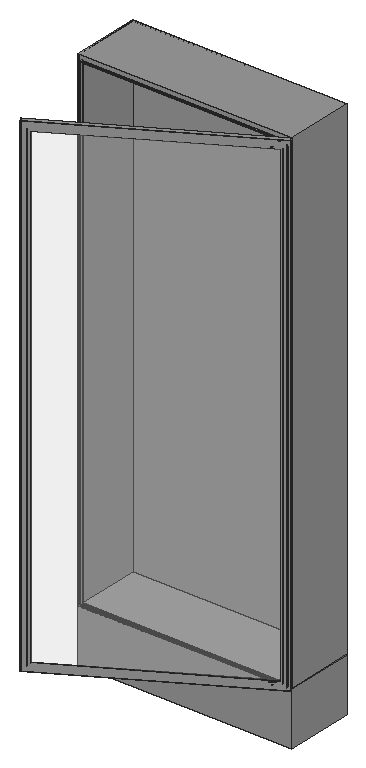
Revit family "Hager-Univers-IP55-D275-H2050-Cl.I-Steel_encl-NoHosted-PL-en", category Equipement électrique, Revit 2020
Family settings
  Configuration du panneau = Deux colonnes, circuits au sein
  Cote de connecteur circulaire = Utiliser le diamètre
  Type d'élément = Tableau de raccordement
  Basée sur le plan de construction = Oui
  Toujours verticalement = Oui
  Couper avec des vides une fois chargée = Non
  Partagée = Non
  Point de calcul de pièce = Non
Parameters (values of type "Floor installation IP55 W800 H2050 D275  - FR23K2")
  Width Control [instance] = if([EF000008 - Width] > Min Width, [EF000008 - Width], Min Width)  # 800 mm
  Commentaires du type = [HG000003 - Range]  # "Univers"
  Thickness Door [instance] = if([EF009171 - Material plate thickness door/cover] > 3 mm, 3 mm, [EF009171 - Material plate thickness door/cover])  # 1.5 mm
  Seal Frame Offset [instance] = 17 mm  # constant formula
  Plinth Visibility [instance] = [HG000027 - Plinth height] > 0 mm  # yes
  Min Width [instance] = 100 mm  # constant formula
  Min Depth [instance] = (2 * [EF009170 - Material plate thickness cabinet]) + 1 mm  # 4 mm
  Min Height [instance] = 100 mm  # constant formula
  Internal Frame Depth [instance] = (Door System Depth * 0.5)  # 9 mm
  Panel Name [instance] = ""  # (empty or 0)
  Model = ""
  HG000027 - Plinth height = 200 mm
  HG000026 - Floor standing = yes
  HG000024 - Bottom section height = 600 mm
  HG000023 - Double section enclosure = no
  HG000016 - Door 3d visibility [instance] = yes
  HG000015 - Clearance visibility [instance] = no
  HG000014 - Door on the right [instance] = yes
  HG000013 - Door on the left [instance] = not([HG000014 - Door on the right])  # no
  HG000012 - Door swing angle [instance] = 30.00°
  HG000010 - Asymmetric doors = no
  HG000009 - Double swing door = no
  HG000006 - Flush mounted = no
  HG000004 - Manufacturer reference = "FR23K2"
  HG000003 - Range = "Univers"
  HG000002 - With door or cover = yes
  Frame Offset Bottom [instance] = 10 mm  # constant formula
  Frame Offset [instance] = 15 mm  # constant formula
  EF015940 - Cover with overpressure release = no
  EF011959 - Degree of protection (NEMA) = ""
  EF009554 - Number of openings for flange plates = 6
  EF009212 - Cover model = "EV000116 - Closed"
  EF009171 - Material plate thickness door/cover = 1.5 mm
  EF009170 - Material plate thickness cabinet = 1.5 mm
  EF008873 - Nominal current (In) = 800 A
  EF007800 - Suitable for lightning protection = no
  EF006306 - With lock = no
  EF006244 - Transparent cover/door = yes
  EF005474 - Degree of protection (IP) = "EV006420 - IP55"
  EF004464 - Type of door = "EV002646 - Single"
  EF004427 - Number of modules = 432
  EF004293 - Impact strength = "EV008784 - IK10"
  EF003532 - Suitable for outdoor use = no
  EF002950 - Width in number of modular spacings = 24
  EF001613 - Circuit integrity = "EV000494 - None"
  EF001596 - Material housing = "EV000179 - Steel"
  EF001131 - Internal depth = 275 mm
  EF001088 - Extension possible = yes
  EF000437 - Number of conduit inlets = 6
  EF000339 - Type of cover = "EV004216 - Door"
  EF000266 - Number of rows = 12
  EF000218 - Built-in depth = 0 mm
  EF000118 - With mounting plate = no
  EF000116 - RAL-number = "7035"
  EF000049 - Depth = 275 mm
  EF000040 - Height = 2050 mm
  EF000008 - Width = 800 mm
  EF000007 - Colour = "EV000270 - Grey"
  EF000003 - Mounting method = "EV012274 - Floor installation"
  Door System Leaf Tolerance [instance] = 1.5 mm  # constant formula
  Door System Depth [instance] = 18 mm  # constant formula
  Door Height [instance] = Height Control - [HG000027 - Plinth height]  # 1850 mm
  Description = ""
  Default Elevation = 1219.2 mm
  Connector Offset [instance] = Height Control / 2  # 1025 mm
  Fabricant = "Hager"  # constant formula
  Height Control [instance] = if([EF000040 - Height] > Min Height, [EF000040 - Height], Min Height)  # 2050 mm
  Depth Control [instance] = if([EF000049 - Depth] > Min Depth, [EF000049 - Depth], Min Depth)  # 275 mm
  Bottom Top Plate Trim [instance] = 1.5 mm  # constant formula
  Plinth height Ctrl [instance] = if([HG000027 - Plinth height] > 0 mm, [HG000027 - Plinth height], 12 mm)  # 200 mm
Types (11, lengths in mm): name | Width Control | HG000010 - Asymmetric doors | HG000009 - Double swing door | HG000004 - Manufacturer reference | EF009554 - Number of openings for flange plates | EF006244 - Transparent cover/door | EF004464 - Type of door | EF004427 - Number of modules | EF000437 - Number of conduit inlets | EF000008 - Width
  Floor installation IP55 W1050 H2050 D275  - FR24E2 | 1050 | yes | yes | "FR24E2" | 8 | no | "EV003602 - Double" | 576 | 8 | 1050
  Floor installation IP55 W1050 H2050 D275  - FR24K2 | 1050 | yes | yes | "FR24K2" | 8 | yes | "EV003602 - Double" | 576 | 8 | 1050
  Floor installation IP55 W1300 H2050 D275  - FR25E2 | 1300 | yes | yes | "FR25E2" | 10 | no | "EV003602 - Double" | 720 | 10 | 1300
  Floor installation IP55 W1300 H2050 D275  - FR25K2 | 1300 | yes | yes | "FR25K2" | 10 | yes | "EV003602 - Double" | 720 | 10 | 1300
  Floor installation IP55 W1550 H2050 D275  - FR26E2 | 1550 | yes | yes | "FR26E2" | 12 | no | "EV003602 - Double" | 864 | 12 | 1550
  Floor installation IP55 W1550 H2050 D275  - FR26K2 | 1550 | yes | yes | "FR26K2" | 12 | yes | "EV003602 - Double" | 864 | 12 | 1550
  Floor installation IP55 W300 H2050 D275  - FR21E2 | 300 | no | no | "FR21E2" | 2 | no | "EV002646 - Single" | 144 | 2 | 300
  Floor installation IP55 W550 H2050 D275  - FR22E2 | 550 | no | no | "FR22E2" | 4 | no | "EV002646 - Single" | 288 | 4 | 550
  Floor installation IP55 W550 H2050 D275  - FR22K2 | 550 | no | no | "FR22K2" | 4 | yes | "EV002646 - Single" | 288 | 4 | 550
  Floor installation IP55 W800 H2050 D275  - FR23E2 | 800 | no | no | "FR23E2" | 6 | no | "EV002646 - Single" | 432 | 6 | 800
  Floor installation IP55 W800 H2050 D275  - FR23K2 | 800 | no | no | "FR23K2" | 6 | yes | "EV002646 - Single" | 432 | 6 | 800
Reference planes
  plane 1 "Center (Front/Back)": y = 0
  plane 2: z = 0
  plane 3 "Center (Left/Right)": x = 0
  plane 4: y = 0
  plane 5: y = 0
  plane 6: z = 0
  plane 7: x = -400
  plane 8: x = 400
  plane 9: x = 398.5
  plane 10: x = -398.5
  plane 11: z = 200
  plane 12: z = 201.5
  plane 13: y = -275
  plane 14: y = -1.5
  plane 15: x = 0
  plane 16: y = -257
  plane 17: y = -273.5
  plane 18: y = -255.5
  plane 19: x = -383.5
  plane 20: x = 383.5
  plane 21: z = 211.5
  plane 22: x = -383
  plane 23: x = 383
  plane 24: z = 200
  plane 25: z = 2050
  plane 26: z = 2050
  plane 27: z = 2033.5
  plane 28: z = 2048.5
Forms (mm)
  Extrusion 1, solid, material "Hager_Steel_RAL7035_Light_Grey", detail levels medium+fine
    sketch origin (-208.679, -4572, 200) x (-1, 0, 0) y (0, -1, 0)
      loop
        line (191.321, -4315) -> (-608.679, -4315) -> (-608.679, -4572) -> (191.321, -4572) -> (191.321, -4315)
    from 0 to 1850
  Extrusion 2, void
    sketch origin (-350.771, -275, 1219.2) x (1, 0, 0) y (0, 0, 1)
      loop
        line (-47.729, 829.3) -> (-47.729, -1017.7) -> (749.271, -1017.7) -> (749.271, 829.3) -> (-47.729, 829.3)
    from -19.5 to -273.5
  Extrusion 3, void
    sketch origin (-290.084, -257, 1219.2) x (1, 0, 0) y (0, 0, 1)
      loop
        line (-93.416, -1007.7) -> (673.584, -1007.7) -> (673.584, 814.3) -> (-93.416, 814.3) -> (-93.416, -1007.7)
    from 0 to -1.5
  Extrusion 4, solid, material "Hager_Steel_RAL7035_Light_Grey", visible <- "Plinth Visibility", detail levels medium+fine
    sketch origin (0, 0, 0) x (1, 0, 0) y (0, 1, 0)
      loop
        line (-400, 0) -> (-400, -257) -> (400, -257) -> (400, 0) -> (-400, 0)
    from 0 to 200 <- "Plinth height Ctrl"
  Extrusion 5, solid, material "Hager_Steel_RAL7035_Light_Grey", detail levels coarse
    sketch origin (0, 0, 0) x (1, 0, 0) y (0, 1, 0)
      loop
        line (-400, 0) -> (-400, -275) -> (400, -275) -> (400, 0) -> (-400, 0)
    from 0 to 2050 <- "Height Control"
  Sweep 6, void
    path in 3D
      loop
        line (-400, -257, 200) -> (400, -257, 200) -> (400, 0, 200) -> (-400, 0, 200) -> (-400, -257, 200)
    profile origin (-400, -128.5, 200) x (1, 0, 0) y (0, 0, 1)
      loop
        line (0, 0) -> (0, -1.5) -> (1.5, -1.5)
        arc (1.5, -1.5) -> (1.061, -0.439) -> (0, 0) r 1.5
  Extrusion 7, solid, material "Hager_Steel_RAL7035_Light_Grey", detail levels fine
    sketch origin (-400, -257, 200) x (1, 0, 0) y (0, 0, 1)
      loop
        line (16.5, 11.5) -> (783.5, 11.5) -> (783.5, 1833.5) -> (16.5, 1833.5) -> (16.5, 11.5)
      loop
        line (15, 10) -> (785, 10) -> (785, 1835) -> (15, 1835) -> (15, 10)
    from 0 to 9 <- "Internal Frame Depth"
Cuts and joins
  Extrusion 2, Extrusion 3 cuts Extrusion 1
  Sweep 6 cuts Extrusion 4
Lines and regions (mm)
  Masking region 1
    outline origin (0, 0, 0) x (1, 0, 0) y (0, 1, 0)
      loop
        line (-400, 0) -> (-400, -275) -> (400, -275) -> (400, 0) -> (-400, 0)
  Masking region 2, detail levels coarse
    outline origin (-290.084, -257, 1219.2) x (-1, 0, 0) y (0, 0, 1)
      loop
        line (-690.084, -1219.2) -> (109.916, -1219.2) -> (109.916, 830.8) -> (-690.084, 830.8) -> (-690.084, -1219.2)
  Masking region 3, detail levels coarse
    outline origin (0, 0, 0) x (0, 1, 0) y (0, 0, 1)
      loop
        line (0, 0) -> (0, 2050) -> (-275, 2050) -> (-275, 0) -> (0, 0)
  Masking region 4, visible <- "Plinth Visibility", detail levels medium+fine
    outline origin (0, 0, 0) x (0, 1, 0) y (0, 0, 1)
      loop
        line (-1.5, 200) -> (-255.5, 200)
        arc (-255.5, 200) -> (-255.939, 198.939) -> (-257, 198.5) r 1.5
        line (-257, 198.5) -> (-257, 0) -> (0, 0) -> (0, 198.5)
        arc (0, 198.5) -> (-1.061, 198.939) -> (-1.5, 200) r 1.5
  Masking region 5, detail levels medium+fine
    outline origin (0, 0, 594.038) x (0, 1, 0) y (0, 0, 1)
      loop
        line (0, -394.038) -> (0, 1455.962) -> (-257, 1455.962) -> (-257, -394.038) -> (0, -394.038)
  Masking region 6, detail levels medium+fine
    outline origin (-359.7, -257, 1211.883) x (-1, 0, 0) y (0, 0, 1)
      loop
        line (-759.7, -1011.883) -> (40.3, -1011.883) -> (40.3, 838.117) -> (-759.7, 838.117) -> (-759.7, -1011.883)
  Masking region 7, visible <- "Plinth Visibility", detail levels medium+fine
    outline origin (-320.334, -257, 1041.368) x (-1, 0, 0) y (0, 0, 1)
      loop
        line (-720.334, -1041.368) -> (79.666, -1041.368) -> (79.666, -842.868)
        arc (79.666, -842.868) -> (78.606, -842.429) -> (78.166, -841.368) r 1.5
        line (78.166, -841.368) -> (-718.834, -841.368)
        arc (-718.834, -841.368) -> (-719.273, -842.429) -> (-720.334, -842.868) r 1.5
        line (-720.334, -842.868) -> (-720.334, -1041.368)
  sketch lines
    curve 1: line (-400, 0, 200) -> (-400, -257, 200)
    curve 2: line (-400, -257, 200) -> (400, -257, 200)
    curve 3: line (400, 0, 200) -> (-400, 0, 200)
    curve 4: line (400, -257, 200) -> (400, 0, 200)
Dimensions and locks
  locked: plane 1 "Center (Front/Back)" to plane 5
  "EF009170 - Material plate thickness cabinet": plane 7 to plane 10
  "EF009170 - Material plate thickness cabinet": plane 8 to plane 9
  equal spacing: plane 7, plane 3 "Center (Left/Right)", plane 8
  "Width Control": plane 7 to plane 8
  "Depth Control": plane 4 to plane 13
  "EF009170 - Material plate thickness cabinet": plane 4 to plane 14
  "Height Control": plane 25 to level
  "HG000027 - Plinth height": plane 11 to level
  "EF009170 - Material plate thickness cabinet": plane 12 to plane 11
  "EF009170 - Material plate thickness cabinet": plane 17 to plane 13
  "EF009170 - Material plate thickness cabinet": plane 18 to plane 16
  "Frame Offset Bottom": plane 21 to plane 12
  "Frame Offset": plane 10 to plane 19
  "Frame Offset": plane 9 to plane 20
  "Door System Depth": plane 16 to plane 13
  "Seal Frame Offset": plane 7 to plane 22
  "Seal Frame Offset": plane 8 to plane 23
  "EF009170 - Material plate thickness cabinet": plane 26 to plane 28
  "Frame Offset": plane 28 to plane 27
  "Connector Offset": plane 2 to connector elem
  "Bottom Top Plate Trim": profile plane to Sweep 6 sketch curve
  "Bottom Top Plate Trim": Sweep 6 sketch curve to Sweep 6 sketch curve
  "Plinth height Ctrl": Masking region 4 sketch curve to level
  "Plinth height Ctrl": Masking region 7 sketch curve to level
  "Thickness Door": Extrusion 7 sketch curve to Extrusion 7 sketch curve  (x4)
  "Bottom Top Plate Trim": radius of Sweep 6 sketch curve
  "Bottom Top Plate Trim": radius of Masking region 4 sketch curve  (x2)
  "Bottom Top Plate Trim": radius of Masking region 7 sketch curve  (x2)
  aligned and locked: Extrusion 2 sketch curve to plane 12
  aligned and locked: Extrusion 2 sketch curve to plane 9
  aligned and locked: Extrusion 2 sketch curve to plane 10
  aligned and locked: Extrusion 2 to plane 14
  aligned and locked: Extrusion 1 sketch curve to plane 4
  aligned and locked: plane 8 to Extrusion 1 sketch curve
  aligned and locked: plane 7 to Extrusion 1 sketch curve
  aligned and locked: Extrusion 2 to plane 18
  aligned and locked: Extrusion 3 sketch curve to plane 19
  aligned and locked: plane 20 to Extrusion 3 sketch curve
  aligned and locked: Extrusion 3 to Extrusion 2
  aligned and locked: Extrusion 3 sketch curve to plane 21
  aligned and locked: plane 3 "Center (Left/Right)" to nested 1
  aligned and locked: Extrusion 1 sketch curve to plane 16
  aligned and locked: Extrusion 4 sketch curve to cut or joined group of Extrusion 1, Extrusion 2, Extrusion 3
  aligned and locked: Masking region 1 sketch curve to plane 7
  aligned and locked: Masking region 1 sketch curve to plane 5
  aligned and locked: Masking region 1 sketch curve to plane 8
  aligned and locked: Masking region 2 sketch curve to level
  aligned and locked: level to Masking region 3 sketch curve
  aligned and locked: plane 1 "Center (Front/Back)" to Masking region 3 sketch curve
  aligned and locked: plane 13 to Masking region 3 sketch curve
  aligned and locked: plane 5 to Masking region 4 sketch curve
  aligned and locked: Masking region 2 sketch curve to plane 8
  aligned and locked: Masking region 2 sketch curve to plane 7
  aligned and locked: plane 7 to nested 2
  aligned and locked: nested 2 to plane 5
  aligned and locked: plane 5 to Masking region 5 sketch curve
  aligned and locked: plane 26 to Masking region 5 sketch curve
  aligned and locked: Extrusion 5 sketch curve to plane 8
  aligned and locked: Extrusion 5 sketch curve to plane 7
  aligned and locked: Extrusion 5 sketch curve to plane 5
  aligned and locked: Extrusion 3 sketch curve to plane 27
  aligned and locked: Extrusion 2 sketch curve to plane 28
  aligned and locked: Masking region 2 to plane 25
  aligned and locked: Extrusion 4 to plane 16
  aligned and locked: profile plane to Sweep 6 sketch curve
  aligned and locked: Masking region 5 sketch curve to plane 24
  aligned and locked: level to Masking region 4 sketch curve
  aligned and locked: Masking region 1 to plane 13
  aligned and locked: nested 1 to plane 16
  aligned and locked: Masking region 3 to plane 25
  aligned and locked: plane 16 to Masking region 4 sketch curve
  aligned and locked: Masking region 5 sketch curve to plane 16
  aligned and locked: plane 24 to plane 11
  aligned and locked: plane 26 to plane 25
  aligned and locked: plane 26 to cut or joined group of Extrusion 1, Extrusion 2, Extrusion 3
  aligned and locked: nested 1 to plane 24
  aligned and locked: Extrusion 1 to Extrusion 3
  aligned and locked: Masking region 6 sketch curve to plane 8
  aligned and locked: Masking region 6 sketch curve to plane 24
  aligned and locked: Masking region 6 sketch curve to plane 7
  aligned and locked: Masking region 6 sketch curve to plane 26
  aligned and locked: Masking region 7 sketch curve to plane 7
  aligned and locked: level to Masking region 7 sketch curve
  aligned and locked: Masking region 7 sketch curve to plane 8
  aligned and locked: Extrusion 7 sketch curve to cut or joined group of Extrusion 1, Extrusion 2, Extrusion 3  (x4)
Automatic sketch dimensions
  plane 19 to Extrusion 3 sketch curve = 0 mm
  Extrusion 3 sketch curve to plane 20 = 0 mm
  Extrusion 3 sketch curve to plane 21 = 0 mm
  Extrusion 4 sketch curve to plane 7 = 0 mm
  Extrusion 4 sketch curve to plane 8 = 0 mm
  Extrusion 4 sketch curve to plane 16 = 0 mm
  Masking region 1 sketch curve to plane 13 = 0 mm
  Masking region 2 sketch curve to plane 25 = 0 mm
  Masking region 3 sketch curve to plane 25 = 0 mm
  Extrusion 5 sketch curve to plane 13 = 0 mm
  profile plane to Sweep 6 sketch curve = 0 mm
Nested families
  nested 1: "EC000058_Univers_Door" at (0, -257, 200), Double <- "HG000009 - Double swing door", Transparent <- "EF006244 - Transparent cover/door", Angle <- "HG000012 - Door swing angle", Door_Right <- "HG000014 - Door on the right", Assymetrical <- "HG000010 - Asymmetric doors", Door <- "HG000002 - With door or cover", Width_Ctrl <- "Width Control", 3d_Door <- "HG000016 - Door 3d visibility", Clearance <- "HG000015 - Clearance visibility", Door_Left <- "HG000013 - Door on the left", Width <- "Width Control", Door_Depth <- "Door System Depth", Leaf_Tolerance <- "Door System Leaf Tolerance", Height <- "Door Height", Lock_Visibility <- "EF006306 - With lock", Thickness <- "Thickness Door", type "EC000058_Univers_Door", detail levels medium+fine
    with min_wh 4 mm, Width_Ctrl 800 mm, Width 800 mm, Transparent yes, Thickness 1.5 mm, Seal_Material Hager_Rubber, Lock_Visibility no, Lock_Material Hager_Plastic_RAL9005_Jet_Black, Leaf_Width 800 mm, Leaf_Tolerance_External_Sides 0 mm, Leaf_Tolerance 1.5 mm, Leaf_Offset 0 mm, Leaf_Height 1847 mm, Leaf_2_Width 800 mm, Leaf_2_Offset 400 mm, Leaf_1_Width 800 mm, Leaf_1_Offset 400 mm, Height_Ctrl 1850 mm, Height 1850 mm, Glass_Material Hager_Glass, Double_Clearance_Ctrl no, Double no, Door_Right_Ctrl yes, Door_Right yes, Door_Material Hager_Steel_RAL7035_Light_Grey, Door_Left_Ctrl no, Door_Left no, Door_Depth 18 mm, Door yes, Clearance_Material Hager_Clearance, Clearance_Depth 800 mm, Clearance_Ctrl no, Clearance no, Assymetrical no, Angle 30.00°, 3d_Door yes
  nested 2: "Hager_Enclosure_Symbol" at (-400, 0, 0), Height <- "Depth Control", Width <- "Width Control", type "Hager_Enclosure_Symbol"
    with Width_Ctrl 800 mm, Width 800 mm, Height_Ctrl 275 mm, Height 275 mm, A_Width_Int 18.047 mm, A_Width 216.562 mm, A_Height_Ctrl 240.625 mm, A_Height 240.625 mm
Connectors
  electrical at (0, 0, 1025)
    settings: on plane 1 "Center (Front/Back)", index 1, voltage 0 V, apparent load 0 VA, apparent load phase1 0 VA, apparent load phase2 0 VA, apparent load phase3 0 VA, power factor 1, load classification "Other", number of poles 1, system type 30, power factor state 1, is connector primary yes, connector utility no, sub classification motor no, connector description ""
Definition of nested family "EC000058_Univers_Door"
  Parameters (values of type "EC000058_Univers_Door")
    min_wh [instance] = (2 * Thickness) + 1 mm  # 11 mm
    Width_Ctrl [instance] = 400 mm
    Width [instance] = 500 mm
    Transparent [instance] = yes
    Thickness [instance] = 5 mm
    Seal_Material [instance] = none
    Lock_Visibility [instance] = yes
    Lock_Material [instance] = none
    Leaf_Width [instance] = if((Width_Ctrl - 2 * Leaf_Tolerance_External_Sides) > 0 mm, (Width_Ctrl - 2 * Leaf_Tolerance_External_Sides), min_wh)  # 400 mm
    Leaf_Tolerance_External_Sides [instance] = 0 mm  # constant formula
    Leaf_Tolerance [instance] = 1.5 mm
    Leaf_Offset [instance] = 0 mm  # constant formula
    Leaf_Height [instance] = if((Height_Ctrl - 2 * Leaf_Tolerance) > 0 mm, (Height_Ctrl - 2 * Leaf_Tolerance), min_wh)  # 497 mm
    Leaf_2_Width [instance] = if(and(and(Double, Assymetrical), Door_Left), (Leaf_Width / 3) - (Leaf_Tolerance / 2), if(and(and(Double, Assymetrical), Door_Right), (Leaf_Width / 3) * 2 - (Leaf_Tolerance / 2), if(and(Double, not(Assymetrical)), (Leaf_Width / 2) - Leaf_Tolerance, Leaf_Width)))  # 400 mm
    Leaf_2_Offset [instance] = if(and(Double, Assymetrical), Leaf_2_Width / 2, if(and(Double, not(Assymetrical)), Leaf_Width / 4, Leaf_Width / 2))  # 200 mm
    Leaf_1_Width [instance] = if(and(and(Double, Assymetrical), Door_Right), (Leaf_Width / 3) - (Leaf_Tolerance / 2), if(and(and(Double, Assymetrical), Door_Left), (Width / 3) * 2 - (Leaf_Tolerance / 2), if(and(Double, not(Assymetrical)), (Leaf_Width / 2) - Leaf_Tolerance, Leaf_Width)))  # 400 mm
    Leaf_1_Offset [instance] = if(and(Double, Assymetrical), Leaf_1_Width / 2, if(and(Double, not(Assymetrical)), Leaf_Width / 4, Leaf_Width / 2))  # 200 mm
    Height_Ctrl [instance] = if(Height > min_wh, Height, min_wh)  # 500 mm
    Height [instance] = 500 mm
    Glass_Material [instance] = none
    Double_Clearance_Ctrl [instance] = and(Double, Clearance)  # no
    Double [instance] = no
    Door_Right_Ctrl [instance] = and(or(Door_Right, Double), Door)  # yes
    Door_Right [instance] = yes
    Door_Material [instance] = none
    Door_Left_Ctrl [instance] = and(or(Door_Left, Double), Door)  # no
    Door_Left [instance] = no
    Door_Depth [instance] = 30 mm
    Door [instance] = yes
    Default Elevation = 1219.2 mm
    Clearance_Material [instance] = none
    Clearance_Depth [instance] = if(Leaf_1_Width > Leaf_2_Width, Leaf_1_Width, Leaf_2_Width)  # 400 mm
    Clearance_Ctrl [instance] = and(not(Double), Clearance)  # yes
    Clearance [instance] = yes
    Assymetrical [instance] = yes
    Angle [instance] = 30.00°
    3d_Door [instance] = yes
  Reference planes
    plane 1 "Center (Front/Back)": y = 0
    plane 2 "Bottom": z = 0
    plane 3 "Center (Left/Right)": x = 0
    plane 4: z = 500
    plane 5: x = -200
    plane 6: x = 200
    plane 7: z = 500
    plane 8: x = -200
    plane 9: z = 0
    plane 10: x = 200
    plane 11: y = 0
    plane 12: z = 1.5
    plane 13: x = -600
    plane 14: y = -400
    plane 15: x = 600
    plane 16: x = 0
    plane 17: x = 0
    plane 18: x = -200
    plane 19: x = 200
    plane 20: z = 498.5
  Forms (mm)
    Extrusion 1, solid, material <- "Clearance_Material", visible <- "Double_Clearance_Ctrl"
      sketch origin (1200, 0, 0) x (1, 0, 0) y (0, 0, -1)
        loop
          line (-1800, -498.5) -> (-600, -498.5) -> (-600, 0) -> (-1800, 0) -> (-1800, -498.5)
      from 0 to -400
  Dimensions and locks
    equal spacing: plane 5, plane 3 "Center (Left/Right)", plane 6
    "Width_Ctrl": plane 5 to plane 6
    "Leaf_Offset": plane 5 to plane 8
    "Leaf_Offset": plane 6 to plane 10
    "Leaf_Offset": plane 9 to level
    "Leaf_Offset": plane 4 to plane 7
    "Height_Ctrl": plane 4 to level
    "Leaf_Tolerance": plane 12 to plane 9
    locked: plane 11 to plane 1 "Center (Front/Back)"
    "Leaf_1_Offset": plane 18 to plane 16
    "Leaf_2_Offset": plane 17 to plane 19
    "Leaf_1_Width": plane 13 to plane 8
    "Leaf_2_Width": plane 10 to plane 15
    "Clearance_Depth": plane 14 to plane 1 "Center (Front/Back)"
    "Leaf_Tolerance_External_Sides": plane 8 to plane 18
    "Leaf_Tolerance_External_Sides": plane 19 to plane 10
    "Leaf_Tolerance": plane 7 to plane 20
    aligned and locked: level to plane 2 "Bottom"
    aligned and locked: nested 1 to plane 16
    aligned and locked: nested 2 to plane 17
    aligned and locked: Extrusion 1 to plane 13
    aligned and locked: plane 15 to Extrusion 1
    aligned and locked: Extrusion 1 to plane 14
    aligned and locked: plane 12 to nested 1
    aligned and locked: nested 2 to plane 12
    aligned and locked: Extrusion 1 to plane 11
    aligned and locked: plane 20 to Extrusion 1
    aligned and locked: nested 2 to plane 11
    aligned and locked: nested 1 to plane 11
  Automatic sketch dimensions
    Extrusion 1 sketch curve to level = 0 mm
    plane 5 to Extrusion 1 sketch curve = 400 mm
    plane 6 to Extrusion 1 sketch curve = 400 mm
    Extrusion 1 sketch curve to plane 4 = 1.5 mm
  Nested families
    nested 1: "EC000058_Univers_Door_Leaf" at (0, 0, 1.5), Width <- "Leaf_1_Width", visible <- "Door_Left_Ctrl", Leaf_Height <- "Leaf_Height", Angle <- "Angle", 3d_Door <- "3d_Door", Transparent <- "Transparent", Clearance Material <- "Clearance_Material", Clearance <- "Clearance_Ctrl", Door_Material <- "Door_Material", Glass_Material <- "Glass_Material", Door_Depth <- "Door_Depth", Lock_Material <- "Lock_Material", Seal_Material <- "Seal_Material", Lock_Visibility <- "Lock_Visibility", Thickness <- "Thickness", type "EC000058_Univers_Door_Leaf"
      with Width 400 mm, Transparent_Glass_Offset 30 mm, Transparent_Ctrl yes, Transparent yes, Thickness 5 mm, Standard no, Seal_Material none, Seal_D2 8 mm, Seal_D1 1 mm, Offset_Internal_Frame 10 mm, Lock_Width 20 mm, Lock_Visibility_3d yes, Lock_Visibility yes, Lock_Thickness_3 3 mm, Lock_Thickness_2 1 mm, Lock_Thickness_1 3 mm, Lock_Radius_Offset_2 16 mm, Lock_Radius_Offset_1 15 mm, Lock_Radius_2 5 mm, Lock_Radius 6 mm, Lock_Offset 5 mm, Lock_Material none, Lock_Height 80 mm, Lock_Cover_Top_Offset_2d 17 mm, Lock_Cover_Height -65 mm, Leaf_Height 497 mm, Internal_Seal_Thickness 8 mm, Internal_Seal_Depth_2 4.5 mm, Internal_Frame_Depth 25 mm, Glass_Thickness -1 mm, Glass_Offset -2 mm, Glass_Material none, Door_Material none, Door_Depth 30 mm, Clearance Material none, Clearance yes, Angle_Ctrl 30.00°, Angle 30.00°, 3d_Door yes
    nested 2: "EC000058_Univers_Door_Leaf" at (0, 0, 1.5) x (-1, 0, 0) z (0, 0, 1), Width <- "Leaf_2_Width", visible <- "Door_Right_Ctrl", Leaf_Height <- "Leaf_Height", Angle <- "Angle", 3d_Door <- "3d_Door", Transparent <- "Transparent", Clearance Material <- "Clearance_Material", Clearance <- "Clearance_Ctrl", Door_Material <- "Door_Material", Glass_Material <- "Glass_Material", Door_Depth <- "Door_Depth", Lock_Material <- "Lock_Material", Seal_Material <- "Seal_Material", Lock_Visibility <- "Lock_Visibility", Thickness <- "Thickness", type "EC000058_Univers_Door_Leaf"
      with Width 400 mm, Transparent_Glass_Offset 30 mm, Transparent_Ctrl yes, Transparent yes, Thickness 5 mm, Standard no, Seal_Material none, Seal_D2 8 mm, Seal_D1 1 mm, Offset_Internal_Frame 10 mm, Lock_Width 20 mm, Lock_Visibility_3d yes, Lock_Visibility yes, Lock_Thickness_3 3 mm, Lock_Thickness_2 1 mm, Lock_Thickness_1 3 mm, Lock_Radius_Offset_2 16 mm, Lock_Radius_Offset_1 15 mm, Lock_Radius_2 5 mm, Lock_Radius 6 mm, Lock_Offset 5 mm, Lock_Material none, Lock_Height 80 mm, Lock_Cover_Top_Offset_2d 17 mm, Lock_Cover_Height -65 mm, Leaf_Height 497 mm, Internal_Seal_Thickness 8 mm, Internal_Seal_Depth_2 4.5 mm, Internal_Frame_Depth 25 mm, Glass_Thickness -1 mm, Glass_Offset -2 mm, Glass_Material none, Door_Material none, Door_Depth 30 mm, Clearance Material none, Clearance yes, Angle_Ctrl 30.00°, Angle 30.00°, 3d_Door yes
  Definition of nested family "EC000058_Univers_Door_Leaf"
    Parameters (values of type "EC000058_Univers_Door_Leaf")
      Width [instance] = 2000 mm
      Transparent_Glass_Offset [instance] = 30 mm
      Transparent_Ctrl [instance] = and(Transparent, [3d_Door])  # yes
      Transparent [instance] = yes
      Thickness [instance] = 5 mm
      Standard [instance] = and(not(Transparent), [3d_Door])  # no
      Seal_Material [instance] = none
      Seal_D2 [instance] = 8 mm  # constant formula
      Seal_D1 [instance] = 1 mm  # constant formula
      Offset_Internal_Frame [instance] = 10 mm  # constant formula
      Lock_Width [instance] = 20 mm  # constant formula
      Lock_Visibility_3d [instance] = and(Lock_Visibility, [3d_Door])  # yes
      Lock_Visibility [instance] = yes
      Lock_Thickness_3 [instance] = 3 mm  # constant formula
      Lock_Thickness_2 [instance] = 1 mm  # constant formula
      Lock_Thickness_1 [instance] = 3 mm  # constant formula
      Lock_Radius_Offset_2 [instance] = Lock_Radius_Offset_1 + 1 mm  # 16 mm
      Lock_Radius_Offset_1 [instance] = 15 mm  # constant formula
      Lock_Radius_2 [instance] = Lock_Radius - 1 mm  # 5 mm
      Lock_Radius [instance] = 6 mm  # constant formula
      Lock_Offset [instance] = 5 mm  # constant formula
      Lock_Material [instance] = none
      Lock_Height [instance] = 80 mm  # constant formula
      Lock_Cover_Top_Offset_2d [instance] = Lock_Radius_Offset_2 + 1 mm  # 17 mm
      Lock_Cover_Height [instance] = -(Lock_Height - Lock_Radius_Offset_1)  # -65 mm
      Leaf_Height [instance] = 2720.336 mm
      Internal_Seal_Thickness [instance] = 8 mm  # constant formula
      Internal_Seal_Depth_2 [instance] = 4.5 mm  # constant formula
      Internal_Frame_Depth [instance] = if(Door_Depth - Thickness > 5 mm, Door_Depth - Thickness, 5 mm)  # 25 mm
      Glass_Thickness [instance] = if(Thickness > 15 mm, Glass_Offset + 10 mm, -1 mm)  # -1 mm
      Glass_Offset [instance] = if(Thickness > 15 mm, -(Thickness + 10 mm) / 2, -2 mm)  # -2 mm
      Glass_Material [instance] = none
      Door_Material [instance] = none
      Door_Depth [instance] = 30 mm
      Default Elevation = 0 mm
      Clearance Material [instance] = none
      Clearance [instance] = yes
      Angle_Ctrl [instance] = if(Angle > 180.00°, 180.00°, Angle)  # 90.00°
      Angle [instance] = 90.00°
      3d_Door [instance] = yes
    Reference planes
      plane 1 "Center (Front/Back)": y = 0
      plane 2: z = 0
      plane 3 "Center (Left/Right)": x = 0
      plane 4: y = 2000
      plane 5: x = -1000
      plane 6: x = 1000
      plane 7: x = -3000
      plane 8: z = 2720.336
      plane 9: z = 30
      plane 10: z = 2690.336
      plane 11: x = 970
      plane 12: x = -970
      plane 13: y = -3
      plane 14: z = 107.833
      plane 15: y = -5
      plane 16: y = -223.314
      plane 17: x = -1000
      plane 18: z = 1360.168
      plane 19: y = 30
    Forms (mm)
      Extrusion 1, solid, material <- "Clearance Material", visible <- "Clearance"
        sketch origin (0, 0, 0) x (1, 0, 0) y (0, 0, 1)
          loop
            line (-3000, 2720.336) -> (-3000, 0) -> (1000, 0) -> (1000, 2720.336) -> (-3000, 2720.336)
        from 0 to -2000
      Extrusion 2, solid, material <- "Door_Material", visible <- "Standard", detail levels medium+fine
        sketch origin (-1000, 0, 0) x (0, 1, 0) y (-1, 0, 0)
          loop
            line (0, 30) -> (0, 25) -> (2000, 25) -> (2000, 30) -> (0, 30)
        from 0 to 2720.336 <- "Leaf_Height"
      Extrusion 3, solid, material <- "Door_Material", visible <- "Transparent_Ctrl", detail levels medium+fine
        sketch origin (-1000, 0, 0) x (0, 1, 0) y (-1, 0, 0)
          loop
            line (0, 25) -> (2000, 25) -> (2000, 30) -> (0, 30) -> (0, 25)
        from 0 to 2720.336 <- "Leaf_Height"
      Extrusion 4, void
        sketch origin (-1025, 2000, 0) x (0, 1, 0) y (0, 0, -1)
          loop
            line (-30, -2690.336) -> (-30, -30) -> (-1970, -30) -> (-1970, -2690.336) -> (-30, -2690.336)
        from 0 to 5 <- "Thickness"
      Sweep 5, solid, material <- "Seal_Material", visible <- "Transparent_Ctrl", detail levels fine
        path in 3D
          loop
            line (-1025, 30, 30) -> (-1025, 30, 2690.336) -> (-1025, 1970, 2690.336) -> (-1025, 1970, 30) -> (-1025, 30, 30)
        profile origin (-1025, 1000, 30) x (1, 0, 0) y (0, 0, 1)
          loop
            line (0, 0) -> (0, -8) -> (1, -8) -> (1, 0) -> (0, 0)
      Extrusion 6, solid, material <- "Glass_Material", visible <- "Transparent_Ctrl", detail levels medium+fine
        sketch origin (-1030, 0, 0) x (0, 1, 0) y (0, 0, -1)
          loop
            line (1970, -2690.336) -> (1970, -30) -> (30, -30) -> (30, -2690.336) -> (1970, -2690.336)
        from -2 <- "Glass_Offset" to -1 <- "Glass_Thickness"
      Extrusion 7, solid, material <- "Door_Material", visible <- "3d_Door", detail levels medium+fine
        sketch origin (-1025, 2000, 0) x (0, -1, 0) y (0, 0, -1)
          loop
            line (0, -2720.336) -> (2000, -2720.336) -> (2000, 0) -> (0, 0) -> (0, -2720.336)
          loop
            line (1995, -5) -> (5, -5) -> (5, -2715.336) -> (1995, -2715.336) -> (1995, -5)
        from 0 to 25 <- "Internal_Frame_Depth"
      Sweep 8, solid, material <- "Seal_Material", visible <- "Transparent_Ctrl", detail levels fine
        path in 3D
          loop
            line (-1025, 0, 0) -> (-1025, 2000, 0) -> (-1025, 2000, 2720.336) -> (-1025, 0, 2720.336) -> (-1025, 0, 0)
        profile origin (-1025, 0, 1360.168) x (1, 0, 0) y (0, 1, 0)
          loop
            line (0, 10) -> (2.975, 10)
            arc (2.975, 10) -> (4.053, 10.447) -> (4.5, 11.525) r 1.525
            line (4.5, 11.525) -> (4.5, 16.527)
            arc (4.5, 16.527) -> (4.069, 17.569) -> (3.027, 18) r 1.473
            line (3.027, 18) -> (0, 18) -> (0, 10)
      Extrusion 9, solid, material <- "Lock_Material", visible <- "Lock_Visibility_3d", detail levels fine
        sketch origin (-1030, 0, 0) x (0, 1, 0) y (0, 0, -1)
          loop
            arc (1993.5, -1400.168) -> (1994.561, -1399.729) -> (1995, -1398.668) r 1.5
            line (1995, -1398.668) -> (1995, -1320.168) -> (1975, -1320.168) -> (1975, -1398.668)
            arc (1975, -1398.668) -> (1975.439, -1399.729) -> (1976.5, -1400.168) r 1.5
            line (1976.5, -1400.168) -> (1993.5, -1400.168)
        from 3 <- "Lock_Thickness_1" to 0
      Blend 10, solid, material <- "Lock_Material", visible <- "Lock_Visibility_3d", detail levels fine
        base sketch origin (-1033, 0, 0) x (0, 1, 0) y (0, 0, -1)
          loop
            line (1975, -1320.168) -> (1975, -1398.668)
            arc (1975, -1398.668) -> (1975.439, -1399.729) -> (1976.5, -1400.168) r 1.5
            line (1976.5, -1400.168) -> (1993.5, -1400.168)
            arc (1993.5, -1400.168) -> (1994.561, -1399.729) -> (1995, -1398.668) r 1.5
            line (1995, -1398.668) -> (1995, -1320.168) -> (1975, -1320.168)
        top sketch origin (-1033, 0, 0) x (0, 1, 0) y (0, 0, -1)
          loop
            line (1976, -1320.168) -> (1976, -1398.668)
            arc (1976, -1398.668) -> (1976.146, -1399.022) -> (1976.5, -1399.168) r 0.5
            line (1976.5, -1399.168) -> (1993.5, -1399.168)
            arc (1993.5, -1399.168) -> (1993.854, -1399.022) -> (1994, -1398.668) r 0.5
            line (1994, -1398.668) -> (1994, -1320.168) -> (1976, -1320.168)
        from 0 to 1 <- "Lock_Thickness_2"
      Blend 11, solid, material <- "Lock_Material", visible <- "Lock_Visibility_3d", detail levels fine
        base sketch origin (-1034, 0, 0) x (0, 1, 0) y (0, 0, -1)
          loop
            line (1978, -1320.168) -> (1978, -1384.168)
            arc (1978, -1384.168) -> (1985, -1391.168) -> (1992, -1384.168) r 7
            line (1992, -1384.168) -> (1992, -1320.168) -> (1978, -1320.168)
        top sketch origin (-1034, 0, 0) x (0, 1, 0) y (0, 0, -1)
          loop
            line (1991, -1320.168) -> (1979, -1320.168) -> (1979, -1383.168)
            arc (1979, -1383.168) -> (1985, -1389.168) -> (1991, -1383.168) r 6
            line (1991, -1383.168) -> (1991, -1320.168)
        from 0 to 3 <- "Lock_Thickness_3"
      Extrusion 12, solid, material <- "Lock_Material", visible <- "Lock_Visibility_3d", detail levels fine
        sketch origin (-1030, 1975, 1320.168) x (1, 0, 0) y (0, -1, 0)
          loop
            line (-7, -19) -> (-7, -1) -> (0, -1) -> (0, 0) -> (-8, 0) -> (-8, -20) -> (0, -20) -> (0, -19) -> (-7, -19)
        from 0 to -65 <- "Lock_Cover_Height"
      Extrusion 13, void
        sketch origin (-1038, 1995, 1320.168) x (-1, 0, 0) y (0, 0, -1)
          loop
            line (-5, -65) -> (0, -65) -> (-5, -60) -> (-5, -65)
        from 0 to 20 <- "Lock_Width"
      Extrusion 14, void
        sketch origin (-1038, 1975, 1320.168) x (0, -1, 0) y (0, 0, -1)
          loop
            circle (-10, -15.995) r 6
          loop
            circle (-10, -15.995) r 5
        from 0 to 2
      Extrusion 15, solid, material <- "Lock_Material", visible <- "Lock_Visibility_3d", detail levels medium
        sketch origin (-1030, 0, 0) x (0, 1, 0) y (0, 0, -1)
          loop
            arc (1993.5, -1400.168) -> (1994.561, -1399.729) -> (1995, -1398.668) r 1.5
            line (1995, -1398.668) -> (1995, -1320.168) -> (1975, -1320.168) -> (1975, -1398.668)
            arc (1975, -1398.668) -> (1975.439, -1399.729) -> (1976.5, -1400.168) r 1.5
            line (1976.5, -1400.168) -> (1993.5, -1400.168)
        from 8 to 0
    Cuts and joins
      Extrusion 4 cuts Extrusion 3
      Extrusion 13, Extrusion 14 cuts Extrusion 9
      Extrusion 14 cuts Blend 11
      Extrusion 13, Extrusion 14 cuts Extrusion 12
      joined: Extrusion 9, Blend 10, Blend 11, Extrusion 12
      Extrusion 14 cuts Extrusion 15
    Lines and regions (mm)
      Masking region 1, visible <- "Lock_Visibility", detail levels fine
        outline origin (0, 0, 0) x (0, 1, 0) y (0, 0, 1)
          loop
            line (30, 1320.168) -> (33, 1320.168) -> (33, 1400.168) -> (30, 1400.168) -> (30, 1320.168)
      Masking region 2, visible <- "Lock_Visibility", detail levels fine
        outline origin (0, 3.143, 0) x (0, 1, 0) y (0, 0, 1)
          loop
            line (29.857, 1354.168) -> (30.857, 1354.168) -> (30.857, 1366.168) -> (29.857, 1366.168) -> (29.857, 1354.168)
      Masking region 3, detail levels medium+fine
        outline origin (0, 0, 0) x (0, 1, 0) y (0, 0, 1)
          loop
            line (0, 0) -> (30, 0) -> (30, 2720.336) -> (0, 2720.336) -> (0, 0)
      Masking region 4, detail levels medium+fine
        outline origin (0, 0, 0) x (1, 0, 0) y (0, 0, 1)
          loop
            line (-1000, 2720.336) -> (-1000, 0) -> (1000, 0) -> (1000, 2720.336) -> (-1000, 2720.336)
      Masking region 5, visible <- "Lock_Visibility", detail levels fine
        outline origin (-47.116, 0, 0) x (1, 0, 0) y (0, 0, 1)
          loop
            arc (1024.616, 1399.168) -> (1023.556, 1398.729) -> (1023.116, 1397.668) r 1.5
            line (1023.116, 1397.668) -> (1023.116, 1320.168) -> (1041.116, 1320.168) -> (1041.116, 1397.668)
            arc (1041.116, 1397.668) -> (1040.677, 1398.729) -> (1039.616, 1399.168) r 1.5
            line (1039.616, 1399.168) -> (1024.616, 1399.168)
      Masking region 6, visible <- "Lock_Visibility", detail levels medium+fine
        outline origin (-25, 0, 0) x (1, 0, 0) y (0, 0, 1)
          loop
            arc (1001.5, 1400.168) -> (1000.439, 1399.729) -> (1000, 1398.668) r 1.5
            line (1000, 1398.668) -> (1000, 1320.168) -> (1020, 1320.168) -> (1020, 1398.668)
            arc (1020, 1398.668) -> (1019.561, 1399.729) -> (1018.5, 1400.168) r 1.5
            line (1018.5, 1400.168) -> (1001.5, 1400.168)
      Masking region 7, visible <- "Lock_Visibility", detail levels fine
        outline origin (-73.735, 0, 0) x (1, 0, 0) y (0, 0, 1)
          loop
            line (1051.735, 1382.168) -> (1065.735, 1382.168) -> (1065.735, 1384.168)
            arc (1065.735, 1384.168) -> (1058.735, 1391.168) -> (1051.735, 1384.168) r 7
            line (1051.735, 1384.168) -> (1051.735, 1382.168)
      Masking region 8, visible <- "Lock_Visibility", detail levels fine
        outline origin (-73.735, 0, 0) x (1, 0, 0) y (0, 0, 1)
          loop
            line (1052.735, 1382.168) -> (1064.735, 1382.168) -> (1064.735, 1383.168)
            arc (1064.735, 1383.168) -> (1058.735, 1389.168) -> (1052.735, 1383.168) r 6
            line (1052.735, 1383.168) -> (1052.735, 1382.168)
      Masking region 9, visible <- "Lock_Visibility", detail levels fine
        outline origin (-25, 0, 0) x (1, 0, 0) y (0, 0, 1)
          loop
            line (1020, 1320.168) -> (1020, 1382.168) -> (1000, 1382.168) -> (1000, 1320.168) -> (1020, 1320.168)
      Masking region 10, detail levels medium+fine
        outline origin (0, 0, 0) x (1, 0, 0) y (0, 0, 1)
          loop
            circle (985, 1335.144) r 6
      Masking region 11, detail levels fine
        outline origin (0, 0, 0) x (1, 0, 0) y (0, 0, 1)
          loop
            circle (985, 1335.144) r 5
      Masking region 12, visible <- "Lock_Visibility", detail levels fine
        outline origin (0, 12.767, 0) x (0, 1, 0) y (0, 0, 1)
          loop
            line (20.233, 1320.168) -> (21.233, 1320.168) -> (21.233, 1399.168) -> (20.233, 1400.168) -> (20.233, 1320.168)
      Masking region 13, visible <- "Lock_Visibility", detail levels fine
        outline origin (0, 13.767, -10) x (0, 1, 0) y (0, 0, 1)
          loop
            line (20.233, 1330.168) -> (23.233, 1330.168) -> (23.233, 1399.168) -> (20.233, 1402.168) -> (20.233, 1330.168)
      Masking region 14, visible <- "Lock_Visibility", detail levels fine
        outline origin (0, 12.767, -10) x (0, 1, 0) y (0, 0, 1)
          loop
            line (20.233, 1330.168) -> (25.233, 1330.168) -> (25.233, 1399.305) -> (20.233, 1394.305) -> (20.233, 1330.168)
      Masking region 15, visible <- "Lock_Visibility", detail levels medium
        outline origin (0, 0, 0) x (0, 1, 0) y (0, 0, 1)
          loop
            line (30, 1320.168) -> (38, 1320.168) -> (38, 1400.168) -> (30, 1400.168) -> (30, 1320.168)
      Masking region 16, visible <- "Lock_Visibility", detail levels fine
        outline origin (-1000, 0, 0) x (0, 1, 0) y (-1, 0, 0)
          loop
            line (1975, 30) -> (1995, 30) -> (1995, 38) -> (1975, 38) -> (1975, 30)
          loop
            line (1979, 37) -> (1976, 37) -> (1976, 34) -> (1978, 34) -> (1979, 37)
          loop
            line (1994, 37) -> (1991, 37) -> (1992, 34) -> (1994, 34) -> (1994, 37)
      Masking region 17, visible <- "Lock_Visibility", detail levels medium
        outline origin (-1000, 0, 0) x (0, 1, 0) y (-1, 0, 0)
          loop
            line (1975, 30) -> (1995, 30) -> (1995, 38) -> (1975, 38) -> (1975, 30)
      symbolic lines
        curve 1: line (1000, 0, 0) -> (-3000, 0, 0)
        curve 2: arc (1000, 0, 0) -> (-1000, 2000, 0) -> (-3000, 0, 0) r 2000
        curve 4: line (-1030, 0, 0) -> (-1030, 2000, 0)
      reference lines
        curve 3: line (-1000, 0, 0) -> (-1000, 2000, 0)
      symbolic lines, detail levels medium+fine
        curve 5: line (-1030, 2000, 0) -> (-1025, 2000, 0)
        curve 7: line (-1025, 0, 0) -> (-1030, 0, 0)
        curve 8: line (-1025, 0, 0) -> (-1000, 0, 0)
        curve 9: line (-1000, 0, 0) -> (-1000, 2000, 0)
        curve 10: line (-1000, 2000, 0) -> (-1025, 2000, 0)
      symbolic lines, detail levels fine
        curve 6: line (-1025, 2000, 0) -> (-1025, 0, 0)
      sketch lines
        curve 11: line (-1025, 0, 2720.336) -> (-1025, 0, 0)
        curve 12: line (-1025, 2000, 0) -> (-1025, 0, 0)
        curve 13: line (-1025, 2000, 2720.336) -> (-1025, 2000, 0)
        curve 14: line (-1025, 0, 2720.336) -> (-1025, 2000, 2720.336)
        curve 15: line (-1025, 1970, 30) -> (-1025, 30, 30)
        curve 16: line (-1025, 30, 30) -> (-1025, 30, 2690.336)
        curve 17: line (-1025, 1970, 2690.336) -> (-1025, 1970, 30)
        curve 18: line (-1025, 30, 2690.336) -> (-1025, 1970, 2690.336)
      symbolic lines, visible <- "Transparent", detail levels medium+fine
        curve 19: line (-970, 0, 2690.336) -> (970, 0, 2690.336)
        curve 20: line (-970, 0, 30) -> (-970, 0, 2690.336)
        curve 21: line (970, 0, 30) -> (-970, 0, 30)
        curve 22: line (970, 0, 2690.336) -> (970, 0, 30)
    Dimensions and locks
      "Width": plane 1 "Center (Front/Back)" to plane 4
      equal spacing: plane 5, plane 3 "Center (Left/Right)", plane 6
      "Width": plane 5 to plane 6
      "Width": plane 7 to plane 5
      "Leaf_Height": plane 8 to level
      "Width": curve 5 to curve 3
      "Width": curve 3 to curve 3
      plane 8 to plane 10 = 30 mm
      plane 9 to level = 30 mm
      plane 12 to plane 5 = 30 mm
      plane 6 to plane 11 = 30 mm
      Extrusion 1 to Extrusion 4 sketch curve = 30 mm
      "Transparent_Glass_Offset": curve 3 to Extrusion 4 sketch curve
      "Transparent_Glass_Offset": Extrusion 4 sketch curve to cut or joined group of Extrusion 3, Extrusion 4  (x2)
      cut or joined group of Extrusion 3, Extrusion 4 to Extrusion 6 sketch curve = 30 mm
      "Transparent_Glass_Offset": cut or joined group of Extrusion 3, Extrusion 4 to Extrusion 4 sketch curve
      "Thickness": curve 6 to curve 4
      "Thickness": Extrusion 7 sketch curve to Extrusion 7 sketch curve  (x4)
      "Door_Depth": curve 4 to curve 3
      "Offset_Internal_Frame": profile plane to Sweep 8 sketch curve
      "Internal_Seal_Thickness": Sweep 8 sketch curve to Sweep 8 sketch curve
      "Internal_Seal_Depth_2": profile plane to Sweep 8 sketch curve
      "Seal_D1": profile plane to Sweep 5 sketch curve
      "Seal_D2": profile plane to Sweep 5 sketch curve
      "Thickness": Extrusion 2 sketch curve to Extrusion 2 sketch curve
      equal spacing: Extrusion 9 sketch curve, plane 18, Extrusion 9 sketch curve  (x2)
      equal spacing: Masking region 1 sketch curve, plane 18, Masking region 1 sketch curve
      "Lock_Height": Masking region 1 sketch curve to Masking region 1 sketch curve
      "Lock_Radius": Masking region 2 sketch curve to plane 18 to Masking region 2 sketch curve
      Masking region 2 sketch curve to Masking region 1 = 1 mm
      "Door_Depth": plane 19 to plane 1 "Center (Front/Back)"
      "Lock_Thickness_1": Masking region 1 sketch curve to plane 19
      "Lock_Width": Extrusion 9 sketch curve to Extrusion 9 sketch curve
      "Lock_Height": Extrusion 9 sketch curve to Extrusion 9 sketch curve
      "Lock_Offset": cut or joined group of Extrusion 3, Extrusion 4 to Extrusion 9 sketch curve
      equal spacing: plane 8, plane 18, level
      "Lock_Radius_Offset_1": Blend 11 sketch curve to Blend 10
      locked: Blend 10 to Blend 11 sketch curve at 2  (x2)
      locked: var sketch to Blend 11 sketch curve at 1  (x2)
      "Lock_Radius_Offset_2": Blend 11 sketch curve to Blend 10
      locked: Extrusion 12 sketch curve to Extrusion 12 sketch curve at 1  (x3)
      Masking region 6 sketch curve to Masking region 6 sketch curve = 80 mm
      "Lock_Height": Masking region 6 sketch curve to Masking region 6 sketch curve
      "Lock_Width": Masking region 6 sketch curve to Masking region 6 sketch curve
      locked: Masking region 6 to Masking region 5 sketch curve at 1  (x3)
      locked: Masking region 5 to Masking region 7 sketch curve at 2  (x2)
      "Lock_Radius_Offset_1": Masking region 5 to Masking region 7 sketch curve
      "Lock_Radius_Offset_2": Masking region 5 to Masking region 8 sketch curve
      locked: Masking region 7 to Masking region 8 sketch curve at 1  (x2)
      "Lock_Cover_Top_Offset_2d": Masking region 5 to Masking region 9 sketch curve
      equal spacing: Masking region 9, Masking region 10 sketch curve, Masking region 9
      equal spacing: Masking region 9, Masking region 11 sketch curve, Masking region 9
      Extrusion 15 sketch curve to Extrusion 15 sketch curve = 80 mm
      "Lock_Width": Extrusion 15 sketch curve to Extrusion 15 sketch curve
      "Lock_Height": Extrusion 15 sketch curve to Extrusion 15 sketch curve
      equal spacing: Extrusion 15 sketch curve, plane 18, Extrusion 15 sketch curve
      "Lock_Thickness_3": Masking region 13 sketch curve to Masking region 13 sketch curve
      "Lock_Height": Masking region 12 sketch curve to Masking region 12 sketch curve
      locked: Masking region 13 sketch curve to Masking region 1 at 8
      locked: Masking region 14 sketch curve to Masking region 13 at 1
      locked: Masking region 14 sketch curve to Masking region 1 at 10.863
      "Lock_Height": Masking region 15 sketch curve to Masking region 15 sketch curve
      "Lock_Offset": Extrusion 15 sketch curve to cut or joined group of Extrusion 3, Extrusion 4
      "Lock_Offset": plane 6 to Masking region 6 sketch curve
      radius of Sweep 8 sketch curve = 1.525 mm
      radius of Sweep 8 sketch curve = 1.473 mm
      radius of Extrusion 9 sketch curve = 1.5 mm  (x2)
      "Lock_Radius": radius of Extrusion 14 sketch curve
      "Lock_Radius_2": radius of Extrusion 14 sketch curve
      "Lock_Radius": radius of Masking region 10 sketch curve
      "Lock_Radius_2": radius of Masking region 11 sketch curve
      radius of Extrusion 15 sketch curve = 1.5 mm  (x2)
      "Angle_Ctrl": angle plane 1 "Center (Front/Back)" to curve 3
      locked: Masking region 12 sketch curve to Masking region 12 sketch curve (angle 45.00°)
      locked: Masking region 13 sketch curve to Masking region 13 sketch curve (angle 45.00°)
      locked: Masking region 14 sketch curve to Masking region 14 sketch curve (angle 45.00°)
      aligned and locked: level to plane 2
      aligned and locked: Extrusion 1 to curve 1
      aligned and locked: plane 6 to Extrusion 1
      aligned and locked: Extrusion 1 to plane 1 "Center (Front/Back)"
      aligned and locked: plane 4 to Extrusion 1
      aligned and locked: plane 8 to Extrusion 1
      aligned and locked: curve 7 to Extrusion 2 sketch curve
      aligned and locked: curve 5 to Extrusion 2 sketch curve
      aligned and locked: curve 7 to Extrusion 3 sketch curve
      aligned and locked: Extrusion 3 sketch curve to curve 4
      aligned and locked: Extrusion 3 sketch curve to curve 6
      aligned and locked: Extrusion 3 sketch curve to curve 5
      aligned and locked: curve 9 to curve 3
      aligned and locked: Extrusion 7 sketch curve to cut or joined group of Extrusion 3, Extrusion 4  (x4)
      aligned and locked: plane 17 to curve 3
      aligned and locked: plane 1 "Center (Front/Back)" to curve 3
      aligned and locked: plane 17 to plane 5
      aligned and locked: Sweep 8 sketch curve to profile plane
      aligned and locked: Sweep 5 sketch curve to profile plane  (x2)
      aligned and locked: Masking region 1 to Masking region 2 sketch curve
      aligned and locked: plane 19 to Masking region 1 sketch curve
      aligned and locked: plane 1 "Center (Front/Back)" to Masking region 3 sketch curve
      aligned and locked: plane 19 to Masking region 3 sketch curve
      aligned and locked: level to Masking region 3 sketch curve
      aligned and locked: Masking region 3 sketch curve to plane 8
      aligned and locked: plane 17 to Masking region 4 sketch curve
      aligned and locked: level to Masking region 4 sketch curve
      aligned and locked: Masking region 4 sketch curve to plane 8
      aligned and locked: plane 12 to curve 20
      aligned and locked: plane 10 to curve 19
      aligned and locked: plane 11 to curve 22
      aligned and locked: curve 21 to plane 9
      aligned and locked: Extrusion 2 sketch curve to cut or joined group of Extrusion 3, Extrusion 4
      aligned and locked: Blend 10 sketch curve to Extrusion 9  (x4)
      aligned and locked: Extrusion 9 to Blend 10 sketch curve
      aligned and locked: Blend 10 to Blend 11 sketch curve
      aligned and locked: Extrusion 12 sketch curve to Blend 11
      aligned and locked: Extrusion 12 sketch curve to Extrusion 9  (x4)
      aligned and locked: Masking region 5 sketch curve to Masking region 6
      aligned and locked: Masking region 9 sketch curve to Masking region 6  (x3)
      aligned and locked: Masking region 12 sketch curve to Masking region 1
      aligned and locked: Masking region 13 sketch curve to Masking region 1
      aligned and locked: Masking region 12 to Masking region 14
      aligned and locked: Masking region 14 sketch curve to Masking region 1
      aligned and locked: Masking region 15 sketch curve to Masking region 14
      aligned and locked: Masking region 13 sketch curve to Masking region 12
      aligned and locked: Masking region 16 sketch curve to cut or joined group of Extrusion 14, Extrusion 15  (x4)
      aligned and locked: Masking region 16 sketch curve to cut or joined group of Extrusion 9, Blend 10, Blend 11, Extrusion 12, Extrusion 13, Extrusion 14  (x6)
      aligned and locked: cut or joined group of Extrusion 9, Blend 10, Blend 11, Extrusion 12, Extrusion 13, Extrusion 14 to Masking region 16 sketch curve
      aligned and locked: Masking region 17 sketch curve to cut or joined group of Extrusion 14, Extrusion 15  (x3)
      aligned and locked: Masking region 17 sketch curve to cut or joined group of Extrusion 9, Blend 10, Blend 11, Extrusion 12, Extrusion 13, Extrusion 14
      aligned and locked: Masking region 9 to Masking region 8 sketch curve
      aligned and locked: Masking region 9 to Masking region 7 sketch curve
    Automatic sketch dimensions
      plane 1 "Center (Front/Back)" to curve 2 = 0 mm
      curve 2 to plane 5 = 0 mm
      Extrusion 1 sketch curve to level = 0 mm
      Extrusion 1 sketch curve to plane 7 = 0 mm
      Extrusion 1 sketch curve to plane 6 = 0 mm
      Extrusion 1 sketch curve to plane 8 = 0 mm
      Extrusion 3 to Extrusion 6 sketch curve = 30 mm  (x4)
      Masking region 4 sketch curve to plane 6 = 0 mm
      Blend 10 sketch curve to Extrusion 9 = 1.5 mm
      Blend 10 sketch curve to Extrusion 9 = 1 mm
      Extrusion 13 sketch curve to Extrusion 12 = 0 mm  (x2)
      Extrusion 12 to Extrusion 13 sketch curve = 3 mm
      Extrusion 13 sketch curve to Extrusion 12 = 5 mm
      Extrusion 14 sketch curve to Extrusion 14 sketch curve = 0 mm  (x2)
      Extrusion 14 sketch curve to Extrusion 12 = 10 mm
      Extrusion 14 sketch curve to Extrusion 12 = 15.995 mm
      Masking region 5 sketch curve to Masking region 5 sketch curve = 1.5 mm  (x2)
      Masking region 10 sketch curve to plane 18 = 25.024 mm
      Masking region 11 sketch curve to plane 18 = 25.024 mm
      plane 19 to Masking region 14 sketch curve = 3 mm
      Masking region 16 sketch curve to Masking region 16 sketch curve = 3 mm
      curve 4 to curve 3 = 0 mm
      Blend 10 to Blend 11 sketch curve = 0 mm
      Masking region 6 sketch curve to Masking region 6 sketch curve = 1.5 mm  (x2)
      Masking region 6 sketch curve to plane 18 = 40 mm
      plane 19 to Masking region 12 sketch curve = 3 mm
      Masking region 12 sketch curve to Masking region 12 sketch curve = 1 mm
      Masking region 15 sketch curve to plane 19 = 0 mm
      Masking region 15 sketch curve to plane 18 = 40 mm
      radius of Blend 10 sketch curve to Extrusion 9 = 1 mm
Definition of nested family "Hager_Enclosure_Symbol"
  Parameters (values of type "Hager_Enclosure_Symbol")
    Width_Ctrl [instance] = if(Width > 1 mm, Width, 1 mm)  # 102.27 mm
    Width [instance] = 102.27 mm
    Height_Ctrl [instance] = if(Height > 1 mm, Height, 1 mm)  # 66.5 mm
    A_Width_Int [instance] = if(A_Width / 12 > 2 mm, A_Width / 12, 2 mm)  # 4.364 mm
    A_Width [instance] = if(A_Height_Ctrl * 0.9 > 2 mm, A_Height_Ctrl * 0.9, 2 mm)  # 52.369 mm
    A_Height_Ctrl [instance] = if(A_Height > 2 mm, A_Height, 2 mm)  # 58.188 mm
    Height [instance] = 66.5 mm
    A_Height [instance] = Height - (Height / 8)  # 58.188 mm
  Reference planes
    plane 1 "Centre (avant/arrière)": y = 0
    plane 2: z = 0
    plane 3 "Centre (gauche/droite)": x = 0
    plane 4: x = 52.369
    plane 5: y = 33.042
    plane 6: y = 41.77
    plane 7: y = 66.5
    plane 8: x = 26.184
    plane 9: y = 37.406
    plane 10: x = 102.27
    plane 11: y = 66.5
    plane 12: y = 8.313
  Lines and regions (mm)
    Filled region 1, type "Solid_Black", in view "Niveau de réf."
      outline origin (0, 0, 0) x (1, 0, 0) y (0, 1, 0)
        loop
          line (52.369, 66.5) -> (33.188, 54.536) -> (45.365, 45.006) -> (52.369, 66.5)
    Filled region 2, type "Solid_Black", in view "Niveau de réf."
      outline origin (0, 0, 0) x (1, 0, 0) y (0, 1, 0)
        loop
          line (0, 0) -> (102.27, 0) -> (102.27, 66.5) -> (0, 0)
    detail lines, in view "Niveau de réf."
      curve 1: line (0, 8.313, 0) -> (26.184, 41.77, 0)
      curve 2: line (26.184, 41.77, 0) -> (26.184, 33.042, 0)
      curve 3: line (26.184, 33.042, 0) -> (52.369, 66.5, 0)
  Dimensions and locks
    "A_Width": plane 3 "Centre (gauche/droite)" to plane 4
    equal spacing: plane 3 "Centre (gauche/droite)", plane 8, plane 4
    equal spacing: plane 6, plane 9, plane 5
    equal spacing: curve 3, Filled region 1 sketch curve, Filled region 1 sketch curve
    "Height_Ctrl": plane 1 "Centre (avant/arrière)" to plane 11
    "A_Height_Ctrl": plane 11 to plane 12
    equal spacing: plane 11, plane 9, plane 12
    "A_Width_Int": plane 6 to plane 9
    "Width_Ctrl": plane 3 "Centre (gauche/droite)" to plane 10
    angle Filled region 1 sketch curve to curve 3 = 20.00°
    angle curve 3 to Filled region 1 sketch curve = 20.00°
    locked: curve 3 to Filled region 1 sketch curve (angle 90.00°)
    aligned and locked: plane 10 to Filled region 2
    aligned and locked: plane 11 to Filled region 2 sketch curve
    aligned and locked: plane 10 to Filled region 2 sketch curve
    aligned and locked: plane 3 "Centre (gauche/droite)" to curve 1
    aligned and locked: plane 12 to curve 1
    aligned and locked: plane 7 to plane 11
  Automatic sketch dimensions
    Filled region 1 sketch curve to plane 4 = 0 mm
    Filled region 1 sketch curve to plane 7 = 0 mm
    plane 1 "Centre (avant/arrière)" to Filled region 2 sketch curve = 0 mm
    Filled region 2 sketch curve to plane 3 "Centre (gauche/droite)" = 0 mm
    curve 2 to plane 6 = 0 mm
    curve 2 to plane 8 = 0 mm
    curve 3 to plane 4 = 0 mm
    curve 2 to plane 5 = 0 mm
    curve 3 to plane 7 = 0 mm
